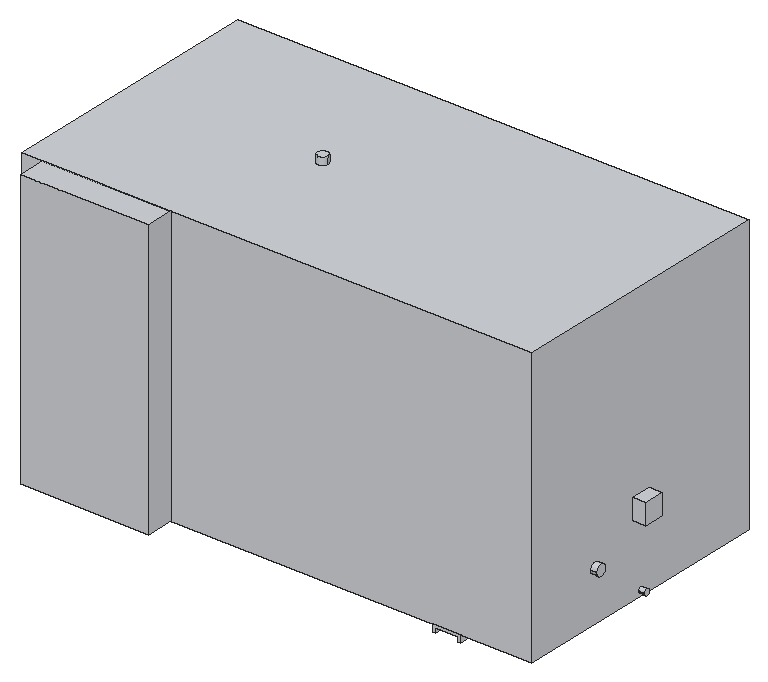
Revit family
Parameters (values of type "HH(Voltage)(kW)2500 3 Phase")
  Wattage = MAX KW * 1000 VA  # 900000 VA
  Water Outlet Radius = 1 1/2"
  Water Inlet Offset = Side Panel Width * 0.5 - 3"  # 16 9/16"
  WATER OUTLET SIZE = Water Outlet Radius * 2  # 3"
  Side Panel Width = C_DEPTH / 2  # 39 1/8"
  MAX KW = 900
  Front center panel width = B_LENGTH / 3  # 49.16146"
  D_INLET HEIGHT = 16 1/2"
  Water Inlet Radius = 1 1/2"
  VOLTAGE = 208 V
  Total Amps = MAX KW * 1000 V / 1.73 / VOLTAGE  # 2501.1116
  Top Clearance = 24"
  SES BIM Studio # = "201264902-50"
  URL = "http://www.lochinvar.com/_linefiles/CHP-10.pdf"
  Number of Poles = 3
  Model = "HH *(kW)-2500"
  Manufacturer = "Lochinvar"
  MODEL NO. = "HH (Voltage) (kW)-2500"
  WATER INLET SIZE = Water Inlet Radius * 2  # 3"
  GALLON CAPACITY = "2500"
  Cost = 0
  Control Panel Height = A_HEIGHT * 2 / 3  # 54.66667"
  C_DEPTH = 78 1/4"
  CONTINUOUS DELIVERY (GPH) = "consult factory"
  B_LENGTH = 147 31/64"
  A_HEIGHT = 82"
  Description = ""
  Fuel Type = ""
  # OF ELEMENTS = "consult factory"
Types (14): name | Wattage | Water Outlet Radius | Water Inlet Offset | WATER OUTLET SIZE | Side Panel Width | MAX KW | Front center panel width | D_INLET HEIGHT | Water Inlet Radius | Total Amps | Model | MODEL NO. | WATER INLET SIZE | GALLON CAPACITY | Control Panel Height | C_DEPTH | CONTINUOUS DELIVERY (GPH) | B_LENGTH | A_HEIGHT | # OF ELEMENTS
  (no name) | 900000 VA | 1 1/2" | 16 9/16" | 3" | 39 1/8" | 900 | 49.16146" | 16 1/2" | 1 1/2" | 2501.1116 | "HH *(kW)-2500" | "HH (Voltage) (kW)-2500" | 3" | "2500" | 54.66667" | 78 1/4" | "consult factory" | 147 31/64" | 82" | "consult factory"
  HH(Voltage)(kW)1250 3 Phase | 900000 VA | 1 1/2" | 12 1/16" | 3" | 30 1/8" | 900 | 43.41667" | 15" | 1 1/2" | 2501.1116 | "HH *(kW)-1250" | "HH (Voltage) (kW)-1250" | 3" | "1250" | 42.66667" | 60 1/4" | "consult factory" | 130 1/4" | 64" | "consult factory"
  HH(Voltage)(kW)1500 3 Phase | 900000 VA | 1 1/2" | 13 9/16" | 3" | 33 1/8" | 900 | 42.08333" | 16" | 1 1/2" | 2501.1116 | "HH *(kW)-1500" | "HH (Voltage) (kW)-1500" | 3" | "1500" | 46.66667" | 66 1/4" | "consult factory" | 126 1/4" | 70" | "consult factory"
  HH(Voltage)(kW)2000 3 Phase | 900000 VA | 1 1/2" | 15 1/16" | 3" | 36 1/8" | 900 | 45 3/4" | 17 1/2" | 1 1/2" | 2501.1116 | "HH *(kW)-2000" | "HH (Voltage) (kW)-2000" | 3" | "2000" | 50.66667" | 72 1/4" | "consult factory" | 137 1/4" | 76" | "consult factory"
  HH(Voltage)(kW)2500 3 Phase | 900000 VA | 1 1/2" | 16 9/16" | 3" | 39 1/8" | 900 | 49.16146" | 16 1/2" | 1 1/2" | 2501.1116 | "HH *(kW)-2500" | "HH (Voltage) (kW)-2500" | 3" | "2500" | 54.66667" | 78 1/4" | "consult factory" | 147 31/64" | 82" | "consult factory"
  HH(Voltage)(kW) 150 3 Phase | 135000 VA | 1" | 5 9/16" | 2" | 17 1/8" | 135 | 22.83333" | 12" | 1" | 375.1667 | "HH *(kW)-150" | "HH (Voltage) (kW)-150" | 2" | "150" | 24.66667" | 34 1/4" | "554" | 68 1/2" | 37" | "9"
  HH(Voltage)(kW) 200 3 Phase | 180000 VA | 1" | 5 9/16" | 2" | 17 1/8" | 180 | 26" | 12" | 1" | 500.2223 | "HH *(kW)-200" | "HH (Voltage) (kW)-200" | 2" | "200" | 24.66667" | 34 1/4" | "738" | 78" | 37" | "10"
  HH(Voltage)(kW) 250 3 Phase | 225000 VA | 1" | 6 1/16" | 2" | 18 1/8" | 225 | 30.08333" | 13" | 1" | 625.2779 | "HH *(kW)-250" | "HH (Voltage) (kW)-250" | 2" | "250" | 26" | 36 1/4" | "886" | 90 1/4" | 39" | "12"
  HH(Voltage)(kW) 300 3 Phase | 270000 VA | 1" | 7 9/16" | 2" | 21 1/8" | 270 | 26.08333" | 14 3/4" | 1" | 750.3335 | "HH *(kW)-300" | "HH (Voltage) (kW)-300" | 2" | "300" | 30" | 42 1/4" | "1107" | 78 1/4" | 45" | "15"
  HH(Voltage)(kW) 400 3 Phase | 360000 VA | 1" | 9 1/16" | 2" | 24 1/8" | 360 | 26.08333" | 16" | 1" | 1000.4446 | "HH *(kW)-400" | "HH (Voltage) (kW)-400" | 2" | "400" | 34.66667" | 48 1/4" | "1476" | 78 1/4" | 52" | "20"
  HH(Voltage)(kW) 500 3 Phase | 450000 VA | 1" | 9 1/16" | 2" | 24 1/8" | 450 | 30 1/4" | 16" | 1" | 1250.5558 | "HH *(kW)-500" | "HH (Voltage) (kW)-500" | 2" | "500" | 34.66667" | 48 1/4" | "consult factory" | 90 3/4" | 52" | "consult factory"
  HH(Voltage)(kW) 600 3 Phase | 540000 VA | 1" | 10 9/16" | 2" | 27 1/8" | 540 | 30 1/4" | 13 1/2" | 1 1/4" | 1500.667 | "HH *(kW)-600" | "HH (Voltage) (kW)-600" | 2 1/2" | "600" | 38.66667" | 54 1/4" | "consult factory" | 90 3/4" | 58" | "consult factory"
  HH(Voltage)(kW) 800 3 Phase | 720000 VA | 1" | 10 9/16" | 2" | 27 1/8" | 720 | 33.41667" | 13 1/2" | 1 1/4" | 2000.8893 | "HH *(kW)-800" | "HH (Voltage) (kW)-800" | 2 1/2" | "750" | 38.66667" | 54 1/4" | "consult factory" | 100 1/4" | 58" | "consult factory"
  HH(Voltage)(kW)1000 3 Phase | 950000 VA | 1" | 10 9/16" | 2" | 27 1/8" | 950 | 42.08333" | 13 1/2" | 1 1/4" | 2640.0622 | "HH *(kW)-1000" | "HH (Voltage) (kW)-1000" | 2 1/2" | "900" | 38.66667" | 54 1/4" | "consult factory" | 126 1/4" | 58" | "consult factory"
Reference planes (in)
  plane 1 "Center of Tank": y = 6.125
  plane 2 "Floor": z = 0
  plane 3 "Center (Left/Right)": x = -1.93124
  plane 4 "Top": z = 82
  plane 5 "Back": y = 45.25
  plane 6 "Inlet Height": z = 16.5
  plane 7 "Left": x = -75.67343
  plane 8 "Right": x = 71.81095
  plane 9 "Front": y = -33
  plane 10 "side panel left": y = -13.4375
  plane 11: x = -51.0953
  plane 12: x = -69.67343
  plane 13: x = -32.51718
  plane 14 "side panel right": y = 25.6875
  plane 15: x = -26.51197
  plane 16: x = 22.64949
  plane 17 "Inlet Offset": y = -10.4375
  plane 18 "hand hole center": z = 25.75
  plane 19 "Control Panel Front": y = -41
  plane 20 "Bottom of unit": z = 1.75
  plane 21: x = 47.23022
Forms (in)
  Extrusion 1, solid
    sketch origin (0, 0.625, 0) x (1, 0, 0) y (0, 1, 0)
      loop
        line (-75.67343, 44.625) -> (-75.67343, -33.625) -> (71.81095, -33.625) -> (71.81095, 44.625) -> (-75.67343, 44.625)
    from 1.75 to 82
  Extrusion 2, solid
    sketch origin (71.81095, -12, -19.75) x (0, 1, 0) y (0, 0, 1)
      loop
        circle (18.125, 23.25) r 0.75
    from 0 to 2
  Extrusion 3, solid
    sketch origin (-18, 0, 82) x (-1, 0, 0) y (0, -1, 0)
      loop
        circle (1.93124, -6.125) r 1.5
    from 0 to 2
  Extrusion 4, solid
    sketch origin (71.81095, 2, 0) x (0, 1, 0) y (0, 0, 1)
      loop
        line (7.125, 22.75) -> (7.125, 28.75) -> (1.125, 28.75) -> (1.125, 22.75) -> (7.125, 22.75)
    from 0 to 4
  Extrusion 5, solid
    sketch origin (71.81095, 0, 0) x (0, 1, 0) y (0, 0, 1)
      loop
        circle (-10.4375, 16.5) r 1.5
    from 0 to 2
  Extrusion 6, solid
    sketch origin (0, 12, 82) x (-1, 0, 0) y (0, -1, 0)
      loop
        line (69.67343, 45) -> (69.67343, 53) -> (32.51718, 53) -> (32.51718, 45) -> (69.67343, 45)
    from -80.25 to 0
  Extrusion 7, solid
    sketch origin (23.61719, -33, 0) x (1, 0, 0) y (0, 0, 1)
      loop
        line (-78.71249, 1.75) -> (-78.71249, -0.25) -> (-77.96249, -0.25) -> (-77.96249, 1) -> (-71.46249, 1) -> (-71.46249, -0.25) -> (-70.71249, -0.25) -> (-70.71249, 1.75) -> (-78.71249, 1.75)
    from -78.25 to 0
  Extrusion 8, solid
    sketch origin (121.94271, -33, 0) x (1, 0, 0) y (0, 0, 1)
      loop
        line (-78.71249, 1.75) -> (-78.71249, -0.25) -> (-77.96249, -0.25) -> (-77.96249, 1) -> (-71.46249, 1) -> (-71.46249, -0.25) -> (-70.71249, -0.25) -> (-70.71249, 1.75) -> (-78.71249, 1.75)
    from -78.25 to 0
Lines and regions (in)
  model lines, style "MechanicalEquipment"
    curve 1: line (-69.67343, -33, 82) -> (-40.38958, -33, 82)
  model lines
    curve 2: line (71.81095, -13.4375, 79.5) -> (71.81095, -13.4375, 2.25)
    curve 3: line (71.81095, 25.6875, 79.5) -> (71.81095, 25.6875, 2.25)
    curve 4: line (-26.51197, -33, 79.5) -> (-26.51197, -33, 1.75)
    curve 5: line (22.64949, -33, 79.5) -> (22.64949, -33, 1.75)
    curve 6: line (71.81095, -33, 79.5) -> (71.81095, 45.25, 79.5)
    curve 7: line (-75.67343, 45.25, 79.5) -> (-75.67343, -33, 79.5)
    curve 8: line (-40.38958, -33, 82) -> (71.81095, -33, 82)
    curve 9: line (-69.67343, -33, 82) -> (-75.67343, -33, 82)
    curve 10: line (71.81095, -33, 79.5) -> (-75.67343, -33, 79.5)
    curve 11: line (71.81095, 45.25, 79.5) -> (-75.67343, 45.25, 79.5)
Dimensions and locks (in)
  "A_HEIGHT": plane 4 "Top" to level
  equal spacing: plane 7 "Left", plane 3 "Center (Left/Right)", plane 8 "Right"
  "B_LENGTH": plane 7 "Left" to plane 8 "Right"
  equal spacing: plane 9 "Front", plane 1 "Center of Tank", plane 5 "Back"
  "C_DEPTH": plane 9 "Front" to plane 5 "Back"
  "D_INLET HEIGHT": plane 6 "Inlet Height" to level
  equal spacing: plane 13, plane 11, plane 12
  plane 12 to plane 7 "Left" = 6"
  equal spacing: plane 10 "side panel left", plane 1 "Center of Tank", plane 14 "side panel right"
  "Side Panel Width": plane 10 "side panel left" to plane 14 "side panel right"
  equal spacing: plane 16, plane 3 "Center (Left/Right)", plane 15
  "Front center panel width": plane 16 to plane 15
  "Water Inlet Offset": plane 17 "Inlet Offset" to plane 1 "Center of Tank"
  locked: plane 15 to plane 13 at 6.00521
  plane 18 "hand hole center" to level = 25 3/4"
  locked: plane 19 "Control Panel Front" to plane 9 "Front" at 8
  equal spacing: plane 8 "Right", plane 21, plane 16
  Extrusion 8 sketch curve to plane 21 to Extrusion 8 sketch curve = 4", 4"
  Extrusion 7 sketch curve to plane 11 to Extrusion 7 sketch curve = 4", 4"
  "Water Inlet Radius": radius of Extrusion 3 sketch curve
  radius of Extrusion 2 sketch curve = 3/4"
  "Water Inlet Radius": radius of Extrusion 5 sketch curve
  aligned and locked: plane 4 "Top" to Extrusion 1
  aligned and locked: plane 9 "Front" to Extrusion 1
  aligned and locked: Extrusion 1 to plane 5 "Back"
  aligned and locked: curve 4 to plane 15
  aligned and locked: curve 5 to plane 16
  aligned and locked: curve 1 to plane 4 "Top"
  aligned and locked: Extrusion 1 to Extrusion 6
  aligned and locked: Extrusion 6 to curve 1
  aligned and locked: Extrusion 6 to plane 9 "Front"
  aligned and locked: Extrusion 6 to plane 19 "Control Panel Front"
  aligned and locked: plane 13 to Extrusion 6
  aligned and locked: Extrusion 7 to plane 5 "Back"
  aligned and locked: Extrusion 8 to plane 5 "Back"
Automatic sketch dimensions
  Extrusion 1 sketch curve to plane 5 "Back" = 0"
  Extrusion 1 sketch curve to plane 7 "Left" = 0"
  Extrusion 1 sketch curve to plane 8 "Right" = 0"
  Extrusion 1 sketch curve to plane 9 "Front" = 0"
  Extrusion 2 sketch curve to plane 1 "Center of Tank" = 0"
  plane 20 "Bottom of unit" to Extrusion 2 sketch curve = 1 3/4"
  plane 1 "Center of Tank" to Extrusion 3 sketch curve = 0"
  plane 15 to Extrusion 3 sketch curve = 6.58073"
  curve 6 to plane 9 "Front" = 0"
  curve 2 to plane 10 "side panel left" = 0"
  curve 3 to plane 14 "side panel right" = 0"
  curve 6 to plane 5 "Back" = 0"
  curve 7 to plane 9 "Front" = 0"
  curve 7 to plane 5 "Back" = 0"
  plane 1 "Center of Tank" to Extrusion 4 sketch curve = 3"
  Extrusion 4 sketch curve to plane 1 "Center of Tank" = 3"
  Extrusion 4 sketch curve to plane 18 "hand hole center" = 3"
  plane 18 "hand hole center" to Extrusion 4 sketch curve = 3"
  Extrusion 5 sketch curve to plane 6 "Inlet Height" = 0"
  Extrusion 5 sketch curve to plane 17 "Inlet Offset" = 0"
  plane 9 "Front" to Extrusion 6 sketch curve = 0"
  Extrusion 6 sketch curve to plane 13 = 0"
  Extrusion 6 sketch curve to plane 12 = 0"
  plane 19 "Control Panel Front" to Extrusion 6 sketch curve = 0"
  Extrusion 7 sketch curve to plane 20 "Bottom of unit" = 0"
  Extrusion 7 sketch curve to level = 1/4"  (x2)
  Extrusion 7 sketch curve to Extrusion 7 sketch curve = 3/4"  (x2)
  Extrusion 7 sketch curve to plane 20 "Bottom of unit" = 3/4"
  Extrusion 8 sketch curve to plane 20 "Bottom of unit" = 0"
  Extrusion 8 sketch curve to level = 1/4"  (x2)
  Extrusion 8 sketch curve to Extrusion 8 sketch curve = 3/4"  (x2)
  Extrusion 8 sketch curve to plane 20 "Bottom of unit" = 3/4"
  curve 3 to plane 4 "Top" = 2 1/2"
  curve 7 to plane 4 "Top" = 2 1/2"
  plane 20 "Bottom of unit" to curve 3 = 1/2"
  plane 20 "Bottom of unit" to curve 2 = 1/2"
  curve 9 to plane 7 "Left" = 0"
  curve 10 to plane 7 "Left" = 0"
  curve 10 to plane 8 "Right" = 0"
  curve 8 to plane 8 "Right" = 0"
  curve 4 to plane 20 "Bottom of unit" = 0"
  curve 5 to plane 20 "Bottom of unit" = 0"
  curve 8 to plane 13 = 7.8724"
  curve 4 to plane 4 "Top" = 2 1/2"
  curve 11 to plane 7 "Left" = 0"
  curve 11 to plane 8 "Right" = 0"
  curve 11 to plane 4 "Top" = 2 1/2"
Connectors (in)
  piping at (73.81095, 6.125, 3.5)
    settings: on Extrusion 2, index 1, connector radius 3/4", flow factor 0, pipe flow 0 GPM, pressure drop 0.00 psi, fitting loss kfactor 0, connector angle 0.00°, fixture units 0, flow configuration 0, flow direction 2, fitting loss method 0, system type 16, connector reference index -1, connector utility 0, adjustable connector no, is connector primary yes, fitting loss table "", connector description "Drain Conn"
  piping at (-19.93124, 6.125, 84), driven by "Water Outlet Radius"
    settings: on Extrusion 3, index 3, connector radius 1 1/2", flow factor 0, pipe flow 0 GPM, pressure drop 0.00 psi, fitting loss kfactor 0, connector angle 0.00°, fixture units 0, flow configuration 0, flow direction 2, fitting loss method 0, system type 19, connector reference index -1, connector utility 0, adjustable connector no, is connector primary no, fitting loss table "", connector description "Hot Water Oultet"
  piping at (73.81095, -10.4375, 16.5), driven by "Water Inlet Radius"
    settings: on Extrusion 5, index 4, connector radius 1 1/2", flow factor 0, pipe flow 0 GPM, pressure drop 0.00 psi, fitting loss kfactor 0, connector angle 0.00°, fixture units 0, flow configuration 1, flow direction 1, fitting loss method 0, system type 20, connector reference index -1, connector utility 0, adjustable connector no, is connector primary no, fitting loss table "", connector description "Water Inlet Conn"
  electrical at (-51.0953, -37, 82), driven by "Number of Poles", driven by "VOLTAGE", driven by "Wattage"
    settings: on Extrusion 6, index 5, voltage 208 V, apparent load 900000 VA, apparent load phase1 0 VA, apparent load phase2 0 VA, apparent load phase3 0 VA, power factor 1, load classification "Other", number of poles 3, system type 30, power factor state 1, is connector primary yes, connector utility no, sub classification motor no, connector description "Line Voltage"
